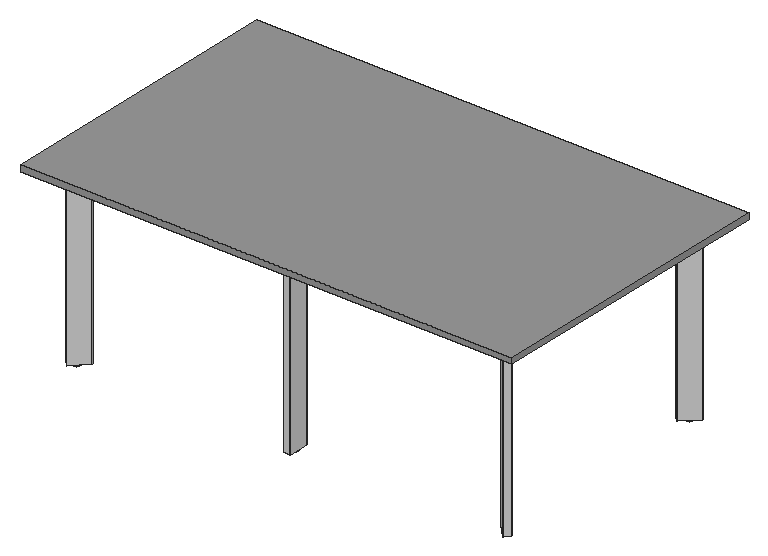
Revit family "Haworth_Planes_ConferenceDesk_Rectangle_AP_PRELIMINARY", category Furniture, Revit 2019
Family settings
  OmniClass Number = 23.40.70.14.64.21
  OmniClass Title = Systems Furniture
  Work Plane-Based = No
  Always vertical = Yes
  Cut with Voids When Loaded = No
  Shared = No
  Room Calculation Point = No
Parameters (values of type "2000w x 1200d")
  Warranty = "http://www.haworth.com/resources/product-info/warranties"
  URL - Product = "https://www.haworth.com/ap/en/products/conference-tables/planes-0.html"
  Top Finish [instance] = Haworth _ Laminate _ Undecided _ Tables
  Support Finish [instance] = Haworth _ Paint _ Undecided _ Table
  Small = Actual Width = 1800 mm  # no
  Model = "WOPLTCR"  # constant formula
  Leg Height = Actual Height - 25 mm  # 715 mm
  Large = Actual Width = 2000 mm  # yes
  Glide Finish = Haworth _ Polymer _ Black
  Flip Top Finish = Haworth _ Paint _ Undecided _ Table
  Flip Top = no
  Description = "Haworth - Planes - Conference Table - Rectangle"  # constant formula
  URL = "https://www.haworth.com/ap/en.html"
  Size = "Verify Final Dim. w/ Haworth"  # constant formula
  Revision Number = "1"  # constant formula
  Manufacturer = "Haworth"  # constant formula
  Author = "Haworth (Abd Rahman)"  # constant formula
  Assembly Code = "E2020200"
  Actual Width = 2000 mm
  Actual Height = 740 mm  # constant formula
  Actual Depth = 1200 mm
Types (5, lengths in mm): name | Small | Large | Flip Top | Actual Width | Actual Depth
  (no name) | no | yes | no | 2000 | 1200
  1800w x 1000d | yes | no | no | 1800 | 1000
  1800w x 1200d | yes | no | yes | 1800 | 1200
  2000w x 1000d | no | yes | yes | 2000 | 1000
  2000w x 1200d | no | yes | no | 2000 | 1200
Reference planes
  plane 1 "Center F/B": y = 0
  plane 2: z = 0
  plane 3 "Top": z = 740
  plane 4: x = 0
  plane 5: z = 715
  plane 6: x = -1000
  plane 7: x = 1000
  plane 8: y = 600
  plane 9: y = -600
  plane 10: x = -870
  plane 11: x = 870
  plane 12: y = -470
  plane 13: y = 470
Dimensions and locks
  "Actual Height": plane 3 "Top" to level
  "Actual Width": plane 6 to plane 7
  equal spacing: plane 6, plane 4, plane 7
  equal spacing: plane 8, plane 1 "Center F/B", plane 9
  "Actual Depth": plane 8 to plane 9
  locked: plane 3 "Top" to plane 5 at 25
  locked: plane 6 to plane 10 at 130
  locked: plane 11 to plane 7 at 130
  locked: plane 12 to plane 9 at 130
  locked: plane 13 to plane 8 at 130
  aligned and locked: nested 1 to plane 4
  aligned and locked: plane 1 "Center F/B" to nested 1
  aligned and locked: plane 3 "Top" to nested 1
  aligned and locked: nested 2 to plane 4
  aligned and locked: plane 1 "Center F/B" to nested 2
  aligned and locked: nested 2 to plane 3 "Top"
  aligned and locked: nested 3 to plane 11
  aligned and locked: plane 13 to nested 3
  aligned and locked: nested 4 to plane 13
  aligned and locked: plane 10 to nested 4
  aligned and locked: plane 12 to nested 6
  aligned and locked: nested 5 to plane 12
  aligned and locked: nested 6 to plane 10
  aligned and locked: plane 11 to nested 5
  aligned and locked: plane 4 to nested 8
  aligned and locked: plane 4 to nested 7
  aligned and locked: plane 12 to nested 7
  aligned and locked: plane 13 to nested 8
  aligned and locked: level to nested 6
  aligned and locked: nested 4 to level
  aligned and locked: level to nested 7
  aligned and locked: level to nested 8
  aligned and locked: nested 5 to level
  aligned and locked: level to nested 3
Nested families
  nested 1: "Haworth_Planes_Top_AP-PART" at (556.859, 72.1, 5), Top Finish <- "Top Finish", type "Conference Desk - Top"
    with Top Finish Haworth _ Laminate _ Undecided _ Tables, Rounded Corners no, Round Table no
  nested 2: "Haworth-Flip Top" at (-14.487, -1.333, -60), visible <- "Flip Top", type "Flip Top - Visio"
    with Actual Width 200 mm, Actual Depth 130 mm
  nested 3: "Haworth_Planes_InteriorLeg_AP-PART" at (1501.859, 762.1, 0), Leg Finish <- "Support Finish", type "Interior Leg"
    with Leg Finish Haworth _ Paint _ Undecided _ Table, Actual Height 715 mm
  nested 4: "Haworth_Planes_InteriorLeg_AP-PART" at (-1501.859, 762.1, 0) x (-1, 0, 0) z (0, 0, 1), Leg Finish <- "Support Finish", type "Interior Leg"
    with Leg Finish Haworth _ Paint _ Undecided _ Table, Actual Height 715 mm
  nested 5: "Haworth_Planes_InteriorLeg_AP-PART" at (1501.859, -762.1, 0), Leg Finish <- "Support Finish", type "Interior Leg"
    with Leg Finish Haworth _ Paint _ Undecided _ Table, Actual Height 715 mm
  nested 6: "Haworth_Planes_InteriorLeg_AP-PART" at (-1501.859, -762.1, 0) x (-1, 0, 0) z (0, 0, 1), Leg Finish <- "Support Finish", type "Interior Leg"
    with Leg Finish Haworth _ Paint _ Undecided _ Table, Actual Height 715 mm
  nested 7: "Haworth_Planes_InteriorLeg_AP-PART" at (-224.829, -1126.963, 0) x (-0.7071, -0.7071, 0) z (0, 0, 1), visible <- "Large", Leg Finish <- "Support Finish", type "Interior Leg"
    with Leg Finish Haworth _ Paint _ Undecided _ Table, Actual Height 715 mm
  nested 8: "Haworth_Planes_InteriorLeg_AP-PART" at (252.404, 1126.641, 0) x (0.7071, 0.7071, 0) z (0, 0, 1), visible <- "Large", Leg Finish <- "Support Finish", type "Interior Leg"
    with Leg Finish Haworth _ Paint _ Undecided _ Table, Actual Height 715 mm
Definition of nested family "Haworth_Planes_Top_AP-PART"
  Parameters (values of type "Conference Desk - Top")
    Warranty = "http://www.haworth.com/resources/product-info/warranties"
    URL - Product = ""
    URL = ""
    Top Finish [instance] = none
    Thickness = 25 mm
    Squared Corners = yes
    Size = "Verify Final Dim. w/ Haworth"  # constant formula
    Rounded Corners = yes
    Round Table = yes
    Revision Number = "1"  # constant formula
    Model = ""
    Manufacturer = "Haworth"  # constant formula
    Description = ""
    Author = "Haworth (Abd Rahman)"  # constant formula
    Assembly Code = "E2020200"
    Actual Width = 2000 mm
    Actual Mounting Height = 450 mm
    Actual Diameter = 600 mm
    Actual Depth = 1200 mm
  Reference planes
    plane 1: z = -5
    plane 2: x = -1556.859
    plane 3: x = 443.141
    plane 4: x = -556.859
    plane 5: y = 527.9
    plane 6: y = -672.1
    plane 7: y = -72.1
    plane 8: z = 735
    plane 9: z = 710
    plane 10: x = 438.203
    plane 11: x = -1551.922
    plane 12: y = 523.298
    plane 13: y = -667.498
  Forms (mm)
    Extrusion 1, solid, material <- "Top Finish", visible <- "Squared Corners"
      sketch origin (0, 0, -5) x (1, 0, 0) y (0, 1, 0)
        loop
          line (-1556.859, 527.9) -> (-1556.859, -672.1) -> (443.141, -672.1) -> (443.141, 527.9) -> (-1556.859, 527.9)
      from 715 to 740
    Extrusion 2, solid, material <- "Top Finish", visible <- "Rounded Corners"
      sketch origin (0, 0, -5) x (1, 0, 0) y (0, 1, 0)
        loop
          arc (-1511.922, 523.298) -> (-1540.206, 511.583) -> (-1551.922, 483.298) r 40
          line (-1551.922, 483.298) -> (-1551.922, -627.498)
          arc (-1551.922, -627.498) -> (-1540.206, -655.783) -> (-1511.922, -667.498) r 40
          line (-1511.922, -667.498) -> (398.203, -667.498)
          arc (398.203, -667.498) -> (426.488, -655.783) -> (438.203, -627.498) r 40
          line (438.203, -627.498) -> (438.203, 483.298)
          arc (438.203, 483.298) -> (426.488, 511.583) -> (398.203, 523.298) r 40
          line (398.203, 523.298) -> (-1511.922, 523.298)
      from 715 to 740
    Extrusion 3, solid, material <- "Top Finish", visible <- "Round Table"
      sketch origin (0, 0, -5) x (1, 0, 0) y (0, 1, 0)
        loop
          circle (-556.859, -72.1) r 600
      from 715 to 740
  Lines and regions (mm)
    Masking region 1, visible <- "Squared Corners"
      outline origin (0, 0, -5) x (1, 0, 0) y (0, 1, 0)
        loop
          line (-1556.859, 527.9) -> (-1556.859, -672.1) -> (443.141, -672.1) -> (443.141, 527.9) -> (-1556.859, 527.9)
    Masking region 2, visible <- "Rounded Corners"
      outline origin (0, 0, -5) x (1, 0, 0) y (0, 1, 0)
        loop
          arc (-1516.859, 527.9) -> (-1545.143, 516.184) -> (-1556.859, 487.9) r 40
          line (-1556.859, 487.9) -> (-1556.859, -632.1)
          arc (-1556.859, -632.1) -> (-1545.143, -660.384) -> (-1516.859, -672.1) r 40
          line (-1516.859, -672.1) -> (403.141, -672.1)
          arc (403.141, -672.1) -> (431.425, -660.384) -> (443.141, -632.1) r 40
          line (443.141, -632.1) -> (443.141, 487.9)
          arc (443.141, 487.9) -> (431.425, 516.184) -> (403.141, 527.9) r 40
          line (403.141, 527.9) -> (-1516.859, 527.9)
    Masking region 3, visible <- "Round Table"
      outline origin (0, 0, -5) x (1, 0, 0) y (0, 1, 0)
        loop
          circle (-556.859, -72.1) r 600
  Dimensions and locks
    equal spacing: plane 2, plane 4, plane 3
    equal spacing: plane 6, plane 7, plane 5
    "Actual Width": plane 2 to plane 3
    "Actual Depth": plane 6 to plane 5
    locked: plane 8 to plane 9 at 25
    locked: plane 2 to plane 11 at 4.937
    locked: plane 10 to plane 3 at 4.938
    locked: plane 12 to plane 5 at 4.602
    locked: plane 6 to plane 13 at 4.602
    "Actual Diameter": radius of Extrusion 3 sketch curve
    "Actual Diameter": radius of Masking region 3 sketch curve
    aligned and locked: level to plane 1
    aligned and locked: plane 3 to Extrusion 1 sketch curve
    aligned and locked: plane 5 to Extrusion 1 sketch curve
    aligned and locked: Extrusion 1 sketch curve to plane 6
    aligned and locked: Extrusion 1 sketch curve to plane 2
    aligned and locked: plane 8 to Extrusion 1
    aligned and locked: Extrusion 1 to plane 9
    aligned and locked: plane 10 to Extrusion 2 sketch curve
    aligned and locked: Extrusion 2 sketch curve to plane 12
    aligned and locked: Extrusion 2 sketch curve to plane 13
    aligned and locked: plane 11 to Extrusion 2 sketch curve
    aligned and locked: Extrusion 2 to plane 9
    aligned and locked: plane 3 to Masking region 1 sketch curve
    aligned and locked: Masking region 1 sketch curve to plane 6
    aligned and locked: plane 5 to Masking region 1 sketch curve
    aligned and locked: Masking region 1 sketch curve to plane 2
    aligned and locked: plane 3 to Masking region 2 sketch curve
    aligned and locked: Masking region 2 sketch curve to plane 6
    aligned and locked: plane 5 to Masking region 2 sketch curve
    aligned and locked: Masking region 2 sketch curve to plane 2
    aligned and locked: plane 8 to Extrusion 2
    aligned and locked: plane 4 to Extrusion 3 sketch curve
    aligned and locked: plane 7 to Extrusion 3 sketch curve
    aligned and locked: plane 8 to Extrusion 3
    aligned and locked: Extrusion 3 to plane 9
    aligned and locked: plane 4 to Masking region 3 sketch curve
    aligned and locked: plane 7 to Masking region 3 sketch curve
  Automatic sketch dimensions
    plane 11 to Extrusion 2 sketch curve = 40 mm  (x2)
    plane 10 to Extrusion 2 sketch curve = 40 mm  (x2)
    Extrusion 2 sketch curve to plane 13 = 40 mm  (x2)
    plane 11 to Masking region 2 sketch curve = 35.063 mm  (x2)
    plane 10 to Masking region 2 sketch curve = 35.062 mm  (x2)
Definition of nested family "Haworth-Flip Top"
  Parameters (values of type "Flip Top - Visio")
    Warranty = ""
    URL - Product = ""
    URL = ""
    Sustainability Info = ""
    Size = "Verify Final Dim. w/ Haworth"  # constant formula
    Single Sided = no
    Single Sided Wide = yes
    Revision Number = ""
    OmniClass Number = ""
    Material Options = ""
    Manufacturer = "Haworth"  # constant formula
    LEED Data = ""
    Flip Top Height = 25 mm
    Flip Top Finish = none
    Double Sided = no
    Double Sided Wide = no
    Author = "SHAPE Environments, LLC"  # constant formula
    Assembly Code = ""
    Actual Width = 500 mm
    Actual Height = 800 mm
    Actual Depth = 110 mm
  Reference planes
    plane 1 "Center F/B": y = 1.333
    plane 2: z = 0
    plane 3 "Center L/R": x = 14.487
    plane 4 "Back": y = 56.333
    plane 5 "Right": x = 264.487
    plane 6 "Front": y = -53.667
    plane 7 "Left": x = -235.513
    plane 8 "Table Height": z = 800
    plane 9: z = 775
  Forms (mm)
    Extrusion 1, solid, material <- "Flip Top Finish"
      sketch origin (0, 0, 800) x (-1, 0, 0) y (0, -1, 0)
        loop
          line (235.513, -56.333) -> (235.513, 53.667) -> (-264.487, 53.667) -> (-264.487, -56.333) -> (235.513, -56.333)
      from 0 to 3.175
    Extrusion 2, solid, material <- "Flip Top Finish"
      sketch origin (0, 0, 800) x (-1, 0, 0) y (0, -1, 0)
        loop
          line (232.338, -51.571) -> (232.338, 48.904) -> (-261.312, 48.904) -> (-261.312, -51.571) -> (232.338, -51.571)
      from 0 to -25
  Cuts and joins
    joined: Extrusion 1, Extrusion 2
  Lines and regions (mm)
    symbolic lines
      curve 1: line (-235.513, 56.333, 800) -> (264.487, 56.333, 800)
      curve 2: line (-235.513, -53.667, 800) -> (-235.513, 56.333, 800)
      curve 3: line (264.487, -53.667, 800) -> (-235.513, -53.667, 800)
      curve 4: line (264.487, 56.333, 800) -> (264.487, -53.667, 800)
  Dimensions and locks
    equal spacing: plane 7 "Left", plane 3 "Center L/R", plane 5 "Right"
    "Actual Width": plane 7 "Left" to plane 5 "Right"
    equal spacing: plane 6 "Front", plane 1 "Center F/B", plane 4 "Back"
    "Actual Depth": plane 4 "Back" to plane 6 "Front"
    plane 7 "Left" to Extrusion 2 sketch curve = 3.175 mm
    plane 4 "Back" to Extrusion 2 sketch curve = 4.762 mm
    Extrusion 2 sketch curve to plane 5 "Right" = 3.175 mm
    Extrusion 2 sketch curve to plane 6 "Front" = 4.763 mm
    "Actual Height": plane 8 "Table Height" to level
    "Flip Top Height": plane 8 "Table Height" to plane 9
    aligned and locked: plane 7 "Left" to Extrusion 1 sketch curve
    aligned and locked: Extrusion 1 sketch curve to plane 4 "Back"
    aligned and locked: Extrusion 1 sketch curve to plane 6 "Front"
    aligned and locked: Extrusion 1 sketch curve to plane 5 "Right"
    aligned and locked: cut or joined group of Extrusion 1, Extrusion 2 to plane 9
  Automatic sketch dimensions
    curve 4 to plane 5 "Right" = 0 mm
    curve 2 to plane 4 "Back" = 0 mm
    curve 2 to plane 7 "Left" = 0 mm
    curve 4 to plane 6 "Front" = 0 mm
Definition of nested family "Haworth_Planes_InteriorLeg_AP-PART"
  Parameters (values of type "Interior Leg")
    Warranty = "http://www.haworth.com/resources/product-info/warranties"
    URL - Product = ""
    URL = "https://www.haworth.com/ap/en.html"
    Size = "Verify Final Dim. w/ Haworth"  # constant formula
    Revision Number = "1"  # constant formula
    Model = ""
    Manufacturer = "Haworth"  # constant formula
    Leg Finish [instance] = none
    Glide Finish = none
    Description = ""
    Author = "Haworth (Abd Rahman)"  # constant formula
    Assembly Code = "E2020200"
    Actual Width = 190 mm  # constant formula
    Actual Height = 700 mm
    Actual Depth = 190 mm  # constant formula
  Reference planes
    plane 1: z = 0
    plane 2 "Center F/B": y = -292.1
    plane 3 "Top": z = 700
    plane 4: z = 692
    plane 5: x = -631.859
    plane 6: y = -209.465
    plane 7: y = -399.465
    plane 8: x = -543.029
    plane 9: x = -733.029
    plane 10: z = 5.995
  Forms (mm)
    Extrusion 1, solid, material <- "Leg Finish"
      sketch origin (5860.38, -452.873, 0) x (1, 0, 0) y (0, 1, 0)
        loop
          line (-6454.785, 176.424) -> (-6473.569, 195.207)
          arc (-6473.569, 195.207) -> (-6474.283, 195.503) -> (-6474.998, 195.207) r 1.011
          line (-6474.998, 195.207) -> (-6531.948, 138.258)
          arc (-6531.948, 138.258) -> (-6532.241, 137.55) -> (-6531.948, 136.843) r 1
          line (-6531.948, 136.843) -> (-6513.189, 118.084)
          arc (-6513.189, 118.084) -> (-6512.45, 117.778) -> (-6511.71, 118.084) r 1.046
          line (-6511.71, 118.084) -> (-6454.785, 175.009)
          arc (-6454.785, 175.009) -> (-6454.492, 175.717) -> (-6454.785, 176.424) r 1
      from 5.995 to 692
    Extrusion 2, solid, material <- "Leg Finish"
      sketch origin (5860.38, -452.873, 0) x (1, 0, 0) y (0, 1, 0)
        loop
          line (-6426.372, 171.44) -> (-6478.942, 224.011)
          arc (-6478.942, 224.011) -> (-6482.478, 225.475) -> (-6486.013, 224.011) r 5
          line (-6486.013, 224.011) -> (-6501.788, 208.236)
          arc (-6501.788, 208.236) -> (-6509.725, 206.834) -> (-6513.763, 213.809) r 7.03
          line (-6513.763, 213.809) -> (-6512.918, 223.661)
          arc (-6512.918, 223.661) -> (-6513.853, 226.61) -> (-6516.599, 228.036) r 4.044
          line (-6516.599, 228.036) -> (-6543.901, 230.395)
          arc (-6543.901, 230.395) -> (-6545.581, 230.843) -> (-6547.006, 231.841) r 5
          line (-6547.006, 231.841) -> (-6554.227, 239.061)
          arc (-6554.227, 239.061) -> (-6556.792, 240.856) -> (-6559.816, 241.664) r 9
          line (-6559.816, 241.664) -> (-6580.001, 243.408)
          arc (-6580.001, 243.408) -> (-6583.649, 242.253) -> (-6585.413, 238.857) r 5
          line (-6585.413, 238.857) -> (-6593.408, 146.323)
          arc (-6593.408, 146.323) -> (-6592.254, 142.674) -> (-6588.857, 140.911) r 5
          line (-6588.857, 140.911) -> (-6558.479, 138.286)
          arc (-6558.479, 138.286) -> (-6556.799, 137.837) -> (-6555.374, 136.84) r 5
          line (-6555.374, 136.84) -> (-6513.16, 94.626)
          arc (-6513.16, 94.626) -> (-6512.163, 93.201) -> (-6511.714, 91.521) r 5
          line (-6511.714, 91.521) -> (-6509.089, 61.143)
          arc (-6509.089, 61.143) -> (-6507.326, 57.746) -> (-6503.677, 56.592) r 5
          line (-6503.677, 56.592) -> (-6411.641, 64.544)
          arc (-6411.641, 64.544) -> (-6407.905, 66.484) -> (-6406.635, 70.497) r 5.5
          line (-6406.635, 70.497) -> (-6408.336, 90.184)
          arc (-6408.336, 90.184) -> (-6409.144, 93.208) -> (-6410.939, 95.773) r 9
          line (-6410.939, 95.773) -> (-6418.236, 103.07)
          arc (-6418.236, 103.07) -> (-6419.056, 104.239) -> (-6419.429, 105.616) r 4.131
          line (-6419.429, 105.616) -> (-6421.969, 133.464)
          arc (-6421.969, 133.464) -> (-6423.384, 136.167) -> (-6426.294, 137.086) r 4
          line (-6426.294, 137.086) -> (-6436.271, 136.23)
          arc (-6436.271, 136.23) -> (-6443.217, 140.252) -> (-6441.82, 148.156) r 7.001
          line (-6441.82, 148.156) -> (-6426.372, 163.604)
          arc (-6426.372, 163.604) -> (-6424.749, 167.522) -> (-6426.372, 171.44) r 5.541
      from 692 to 700
    Extrusion 3, solid, material <- "Glide Finish"
      sketch origin (35.938, -51.741, 0) x (1, 0, 0) y (0, 1, 0)
        loop
          line (-661.294, -228.493) -> (-671.815, -228.493) -> (-679.255, -235.933) -> (-679.255, -246.454) -> (-671.815, -253.893) -> (-661.294, -253.893) -> (-653.855, -246.454) -> (-653.855, -235.933) -> (-661.294, -228.493)
      from 0 to 5.995
  Lines and regions (mm)
    Masking region 1
      outline origin (0, 0, 0) x (1, 0, 0) y (0, 1, 0)
        loop
          line (-565.992, -281.433) -> (-618.563, -228.862)
          arc (-618.563, -228.862) -> (-622.098, -227.398) -> (-625.634, -228.862) r 5
          line (-625.634, -228.862) -> (-641.408, -244.636)
          arc (-641.408, -244.636) -> (-649.345, -246.039) -> (-653.384, -239.064) r 7.03
          line (-653.384, -239.064) -> (-652.538, -229.212)
          arc (-652.538, -229.212) -> (-653.473, -226.263) -> (-656.22, -224.837) r 4.044
          line (-656.22, -224.837) -> (-683.522, -222.478)
          arc (-683.522, -222.478) -> (-685.202, -222.029) -> (-686.627, -221.032) r 5
          line (-686.627, -221.032) -> (-693.847, -213.811)
          arc (-693.847, -213.811) -> (-696.412, -212.017) -> (-699.437, -211.209) r 9
          line (-699.437, -211.209) -> (-719.621, -209.465)
          arc (-719.621, -209.465) -> (-723.27, -210.619) -> (-725.033, -214.016) r 5
          line (-725.033, -214.016) -> (-733.029, -306.55)
          arc (-733.029, -306.55) -> (-731.874, -310.199) -> (-728.478, -311.962) r 5
          line (-728.478, -311.962) -> (-698.1, -314.587)
          arc (-698.1, -314.587) -> (-696.42, -315.036) -> (-694.995, -316.033) r 5
          line (-694.995, -316.033) -> (-652.78, -358.247)
          arc (-652.78, -358.247) -> (-651.783, -359.672) -> (-651.335, -361.352) r 5
          line (-651.335, -361.352) -> (-648.71, -391.73)
          arc (-648.71, -391.73) -> (-646.946, -395.126) -> (-643.298, -396.281) r 5
          line (-643.298, -396.281) -> (-551.262, -388.328)
          arc (-551.262, -388.328) -> (-547.526, -386.389) -> (-546.256, -382.375) r 5.5
          line (-546.256, -382.375) -> (-547.957, -362.689)
          arc (-547.957, -362.689) -> (-548.764, -359.664) -> (-550.559, -357.1) r 9
          line (-550.559, -357.1) -> (-557.857, -349.802)
          arc (-557.857, -349.802) -> (-558.676, -348.634) -> (-559.049, -347.257) r 4.131
          line (-559.049, -347.257) -> (-561.589, -319.409)
          arc (-561.589, -319.409) -> (-563.005, -316.705) -> (-565.915, -315.787) r 4
          line (-565.915, -315.787) -> (-575.891, -316.643)
          arc (-575.891, -316.643) -> (-582.837, -312.621) -> (-581.44, -304.717) r 7.001
          line (-581.44, -304.717) -> (-565.992, -289.269)
          arc (-565.992, -289.269) -> (-564.369, -285.351) -> (-565.992, -281.433) r 5.541
        loop
          line (-651.331, -334.788) -> (-594.405, -277.863)
          arc (-594.405, -277.863) -> (-594.113, -277.156) -> (-594.405, -276.449) r 1
          line (-594.405, -276.449) -> (-613.189, -257.666)
          arc (-613.189, -257.666) -> (-613.904, -257.369) -> (-614.619, -257.666) r 1.011
          line (-614.619, -257.666) -> (-671.568, -314.615)
          arc (-671.568, -314.615) -> (-671.861, -315.322) -> (-671.568, -316.029) r 1
          line (-671.568, -316.029) -> (-652.809, -334.788)
          arc (-652.809, -334.788) -> (-652.07, -335.095) -> (-651.331, -334.788) r 1.046
    Masking region 2
      outline origin (0, 0, 0) x (1, 0, 0) y (0, 1, 0)
        loop
          line (-617.917, -287.674) -> (-625.357, -280.234) -> (-635.878, -280.234) -> (-643.317, -287.674) -> (-643.317, -298.195) -> (-635.878, -305.634) -> (-625.357, -305.634) -> (-617.917, -298.195) -> (-617.917, -287.674)
  Dimensions and locks
    "Actual Height": plane 3 "Top" to plane 1
    plane 3 "Top" to level = 700 mm
    locked: plane 3 "Top" to plane 4 at 8
    plane 6 to plane 2 "Center F/B" to plane 7 = 82.635 mm, 107.365 mm
    plane 9 to plane 5 to plane 8 = 101.17 mm, 88.83 mm
    "Actual Width": plane 9 to plane 8
    "Actual Depth": plane 6 to plane 7
    locked: plane 10 to level at 5.995
    aligned and locked: plane 3 "Top" to Extrusion 2
    aligned and locked: plane 4 to Extrusion 2
    aligned and locked: Extrusion 1 to plane 4
    aligned and locked: level to plane 1
    aligned and locked: plane 10 to Extrusion 3
    aligned and locked: Extrusion 3 to level
    aligned and locked: Extrusion 1 to plane 10
  Automatic sketch dimensions
    Extrusion 1 sketch curve to Extrusion 1 sketch curve = 0 mm
    Extrusion 1 sketch curve to Extrusion 1 sketch curve = 0.707 mm  (x5)
    Extrusion 1 sketch curve to Extrusion 1 sketch curve = 18.759 mm
    Extrusion 1 sketch curve to Extrusion 1 sketch curve = 0.739 mm  (x3)
    Extrusion 1 sketch curve to Extrusion 1 sketch curve = 56.95 mm
    Extrusion 1 sketch curve to Extrusion 1 sketch curve = 0.715 mm  (x3)
    Extrusion 1 sketch curve to Extrusion 1 sketch curve = 18.791 mm
    Extrusion 2 sketch curve to Extrusion 2 sketch curve = 4.551 mm  (x2)
    Extrusion 2 sketch curve to Extrusion 2 sketch curve = 0.43 mm  (x6)
    Extrusion 2 sketch curve to Extrusion 2 sketch curve = 7.996 mm
    Extrusion 2 sketch curve to Extrusion 2 sketch curve = 4.981 mm  (x3)
    Extrusion 2 sketch curve to Extrusion 2 sketch curve = 19.84 mm
    Extrusion 2 sketch curve to Extrusion 2 sketch curve = 0.775 mm  (x2)
    Extrusion 2 sketch curve to Extrusion 2 sketch curve = 29.947 mm  (x2)
    Extrusion 2 sketch curve to Extrusion 2 sketch curve = 3.105 mm  (x2)
    Extrusion 2 sketch curve to Extrusion 2 sketch curve = 5.589 mm
    Extrusion 2 sketch curve to Extrusion 2 sketch curve = 7.221 mm
    Extrusion 2 sketch curve to Extrusion 2 sketch curve = 3.536 mm  (x6)
    Extrusion 2 sketch curve to Extrusion 2 sketch curve = 26.954 mm
    Extrusion 2 sketch curve to Extrusion 2 sketch curve = 42.214 mm  (x2)
    Extrusion 2 sketch curve to Extrusion 2 sketch curve = 0.348 mm
    Extrusion 2 sketch curve to Extrusion 2 sketch curve = 3.184 mm
    Extrusion 2 sketch curve to Extrusion 2 sketch curve = 4.03 mm
    Extrusion 2 sketch curve to Extrusion 2 sketch curve = 1.446 mm  (x2)
    Extrusion 2 sketch curve to Extrusion 2 sketch curve = 2.625 mm
    Extrusion 2 sketch curve to Extrusion 2 sketch curve = 7.005 mm
    Extrusion 2 sketch curve to Extrusion 2 sketch curve = 4.971 mm  (x2)
    Extrusion 2 sketch curve to Extrusion 2 sketch curve = 15.774 mm
    Extrusion 2 sketch curve to Extrusion 2 sketch curve = 40.658 mm
    Extrusion 2 sketch curve to Extrusion 2 sketch curve = 4.951 mm
    Extrusion 2 sketch curve to Extrusion 2 sketch curve = 0.599 mm
    Extrusion 2 sketch curve to Extrusion 2 sketch curve = 11.53 mm
    Extrusion 2 sketch curve to Extrusion 2 sketch curve = 3.918 mm  (x3)
    Extrusion 2 sketch curve to Extrusion 2 sketch curve = 9.976 mm
    Extrusion 2 sketch curve to Extrusion 2 sketch curve = 0.342 mm
    Extrusion 2 sketch curve to Extrusion 2 sketch curve = 3.983 mm
    Extrusion 2 sketch curve to Extrusion 2 sketch curve = 2.54 mm
    Extrusion 2 sketch curve to Extrusion 2 sketch curve = 1.193 mm
    Extrusion 2 sketch curve to Extrusion 2 sketch curve = 0.933 mm
    Extrusion 2 sketch curve to Extrusion 2 sketch curve = 2.921 mm
    Extrusion 2 sketch curve to Extrusion 2 sketch curve = 5.188 mm
    Extrusion 2 sketch curve to Extrusion 2 sketch curve = 0.473 mm
    Extrusion 2 sketch curve to Extrusion 2 sketch curve = 6.364 mm  (x2)
    Extrusion 2 sketch curve to Extrusion 2 sketch curve = 2.603 mm
    Extrusion 2 sketch curve to Extrusion 2 sketch curve = 5.48 mm  (x2)
    plane 5 to Extrusion 1 sketch curve = 39.709 mm
    plane 5 to Extrusion 2 sketch curve = 101.17 mm
    Extrusion 1 sketch curve to plane 2 "Center F/B" = 14.237 mm
    Extrusion 1 sketch curve to Extrusion 1 sketch curve = 18.776 mm
    Extrusion 2 sketch curve to Extrusion 2 sketch curve = 19.385 mm
    Extrusion 2 sketch curve to Extrusion 2 sketch curve = 7.297 mm
    Extrusion 2 sketch curve to Extrusion 2 sketch curve = 2.546 mm
    Extrusion 2 sketch curve to Extrusion 2 sketch curve = 0.363 mm
    Extrusion 2 sketch curve to Extrusion 2 sketch curve = 0.856 mm
    Extrusion 2 sketch curve to Extrusion 2 sketch curve = 6.976 mm
    Extrusion 2 sketch curve to plane 2 "Center F/B" = 2.831 mm
    Extrusion 2 sketch curve to plane 2 "Center F/B" = 47.464 mm
    Extrusion 2 sketch curve to Extrusion 2 sketch curve = 12.239 mm
    Extrusion 2 sketch curve to Extrusion 2 sketch curve = 9.852 mm
    Extrusion 2 sketch curve to Extrusion 2 sketch curve = 0.346 mm
    Extrusion 2 sketch curve to Extrusion 2 sketch curve = 2.359 mm
    Extrusion 2 sketch curve to Extrusion 2 sketch curve = 0.857 mm
    Extrusion 2 sketch curve to Extrusion 2 sketch curve = 5.729 mm
    plane 2 "Center F/B" to Extrusion 1 sketch curve = 22.515 mm
    Extrusion 1 sketch curve to Extrusion 1 sketch curve = 18.727 mm
    plane 2 "Center F/B" to Extrusion 2 sketch curve = 12.617 mm
    plane 2 "Center F/B" to Extrusion 2 sketch curve = 14.45 mm
    plane 2 "Center F/B" to Extrusion 2 sketch curve = 22.487 mm
    Extrusion 2 sketch curve to Extrusion 2 sketch curve = 27.473 mm
    Masking region 1 sketch curve to plane 9 = 0 mm
    Masking region 1 sketch curve to plane 6 = 0 mm
    Masking region 1 sketch curve to plane 9 = 4.551 mm
    Masking region 1 sketch curve to plane 9 = 4.981 mm
    Masking region 1 sketch curve to plane 6 = 4.551 mm
    Masking region 1 sketch curve to plane 9 = 7.996 mm
    Masking region 1 sketch curve to Masking region 1 sketch curve = 4.981 mm  (x3)
    Masking region 1 sketch curve to Masking region 1 sketch curve = 0.43 mm  (x5)
    Masking region 1 sketch curve to Masking region 1 sketch curve = 19.84 mm
    Masking region 1 sketch curve to plane 6 = 1.744 mm
    Masking region 1 sketch curve to Masking region 1 sketch curve = 0.775 mm  (x2)
    Masking region 1 sketch curve to Masking region 1 sketch curve = 29.947 mm  (x2)
    Masking region 1 sketch curve to Masking region 1 sketch curve = 3.105 mm  (x2)
    Masking region 1 sketch curve to plane 6 = 4.347 mm
    Masking region 1 sketch curve to Masking region 1 sketch curve = 5.589 mm
    Masking region 1 sketch curve to plane 6 = 11.567 mm
    Masking region 1 sketch curve to Masking region 1 sketch curve = 7.221 mm
    Masking region 1 sketch curve to plane 6 = 13.013 mm
    plane 5 to Masking region 1 sketch curve = 24.709 mm
    plane 5 to Masking region 1 sketch curve = 24.457 mm
    Masking region 1 sketch curve to Masking region 1 sketch curve = 0.348 mm
    Masking region 1 sketch curve to Masking region 1 sketch curve = 3.184 mm
    Masking region 1 sketch curve to Masking region 1 sketch curve = 3.536 mm  (x5)
    Masking region 1 sketch curve to Masking region 1 sketch curve = 4.03 mm
    Masking region 1 sketch curve to Masking region 1 sketch curve = 1.446 mm
    plane 7 to Masking region 1 sketch curve = 7.735 mm
    plane 5 to Masking region 1 sketch curve = 16.851 mm
    Masking region 1 sketch curve to Masking region 1 sketch curve = 7.005 mm
    plane 7 to Masking region 1 sketch curve = 3.184 mm
    Masking region 1 sketch curve to Masking region 1 sketch curve = 4.971 mm  (x2)
    Masking region 1 sketch curve to plane 5 = 6.225 mm
    plane 2 "Center F/B" to Masking region 1 sketch curve = 12.617 mm
    plane 8 to Masking region 1 sketch curve = 38.412 mm
    Masking region 1 sketch curve to Masking region 1 sketch curve = 4.951 mm
    plane 2 "Center F/B" to Masking region 1 sketch curve = 24.543 mm
    Masking region 1 sketch curve to Masking region 1 sketch curve = 0.599 mm
    Masking region 1 sketch curve to plane 2 "Center F/B" = 6.749 mm
    Masking region 1 sketch curve to Masking region 1 sketch curve = 11.53 mm
    Masking region 1 sketch curve to plane 2 "Center F/B" = 2.831 mm
    Masking region 1 sketch curve to Masking region 1 sketch curve = 3.918 mm
    Masking region 1 sketch curve to plane 2 "Center F/B" = 10.667 mm
    Masking region 1 sketch curve to Masking region 1 sketch curve = 9.976 mm
    Masking region 1 sketch curve to Masking region 1 sketch curve = 0.342 mm
    Masking region 1 sketch curve to Masking region 1 sketch curve = 3.983 mm
    plane 8 to Masking region 1 sketch curve = 16.021 mm
    Masking region 1 sketch curve to Masking region 1 sketch curve = 1.193 mm
    Masking region 1 sketch curve to Masking region 1 sketch curve = 0.933 mm
    Masking region 1 sketch curve to Masking region 1 sketch curve = 2.921 mm
    plane 8 to Masking region 1 sketch curve = 8.706 mm
    Masking region 1 sketch curve to Masking region 1 sketch curve = 0.473 mm
    plane 8 to Masking region 1 sketch curve = 7.531 mm
    plane 8 to Masking region 1 sketch curve = 4.928 mm
    plane 8 to Masking region 1 sketch curve = 3.227 mm
    plane 7 to Masking region 1 sketch curve = 11.136 mm
    Masking region 1 sketch curve to Masking region 1 sketch curve = 5.48 mm
    Masking region 1 sketch curve to Masking region 1 sketch curve = 19.385 mm
    Masking region 1 sketch curve to Masking region 1 sketch curve = 7.297 mm
    Masking region 1 sketch curve to Masking region 1 sketch curve = 2.546 mm
    Masking region 1 sketch curve to Masking region 1 sketch curve = 3.129 mm
    plane 2 "Center F/B" to Masking region 1 sketch curve = 27.468 mm
    Masking region 1 sketch curve to Masking region 1 sketch curve = 0.363 mm
    plane 2 "Center F/B" to Masking region 1 sketch curve = 19.862 mm
    Masking region 1 sketch curve to plane 6 = 35.171 mm
    Masking region 1 sketch curve to Masking region 1 sketch curve = 12.239 mm
    Masking region 1 sketch curve to Masking region 1 sketch curve = 9.852 mm
    Masking region 1 sketch curve to Masking region 1 sketch curve = 0.346 mm
    plane 2 "Center F/B" to Masking region 1 sketch curve = 22.515 mm
    Masking region 1 sketch curve to Masking region 1 sketch curve = 23.426 mm
    Masking region 1 sketch curve to Masking region 1 sketch curve = 0 mm
    Masking region 1 sketch curve to Masking region 1 sketch curve = 0.707 mm  (x3)
    plane 5 to Masking region 1 sketch curve = 20.95 mm
    Masking region 1 sketch curve to Masking region 1 sketch curve = 0.739 mm  (x3)
    Masking region 1 sketch curve to plane 5 = 17.24 mm
    Masking region 1 sketch curve to Masking region 1 sketch curve = 0.715 mm  (x3)
    Masking region 1 sketch curve to Masking region 1 sketch curve = 25.202 mm
    Masking region 1 sketch curve to plane 2 "Center F/B" = 15.651 mm
    Masking region 1 sketch curve to plane 2 "Center F/B" = 14.237 mm
    Masking region 1 sketch curve to Masking region 1 sketch curve = 23.458 mm
    Masking region 1 sketch curve to Masking region 1 sketch curve = 1.414 mm
    Masking region 1 sketch curve to Masking region 1 sketch curve = 18.776 mm
    plane 5 to Extrusion 3 sketch curve = 11.458 mm
    Extrusion 3 sketch curve to plane 2 "Center F/B" = 4.426 mm  (x2)
    Extrusion 3 sketch curve to Extrusion 3 sketch curve = 0 mm  (x2)
    plane 5 to Extrusion 3 sketch curve = 4.018 mm  (x2)
    Extrusion 3 sketch curve to plane 5 = 6.503 mm  (x2)
    Extrusion 3 sketch curve to Extrusion 3 sketch curve = 7.439 mm
    plane 2 "Center F/B" to Extrusion 3 sketch curve = 6.095 mm  (x2)
    plane 2 "Center F/B" to Extrusion 3 sketch curve = 13.534 mm
    Extrusion 3 sketch curve to Extrusion 3 sketch curve = 7.44 mm
    plane 5 to Masking region 2 sketch curve = 11.458 mm
    Masking region 2 sketch curve to plane 2 "Center F/B" = 4.426 mm  (x2)
    Masking region 2 sketch curve to Masking region 2 sketch curve = 0 mm  (x2)
    plane 5 to Masking region 2 sketch curve = 4.018 mm  (x2)
    Masking region 2 sketch curve to plane 5 = 6.503 mm  (x2)
    Masking region 2 sketch curve to Masking region 2 sketch curve = 7.439 mm  (x2)
    plane 2 "Center F/B" to Masking region 2 sketch curve = 6.095 mm  (x2)
    Masking region 2 sketch curve to Masking region 2 sketch curve = 7.44 mm
